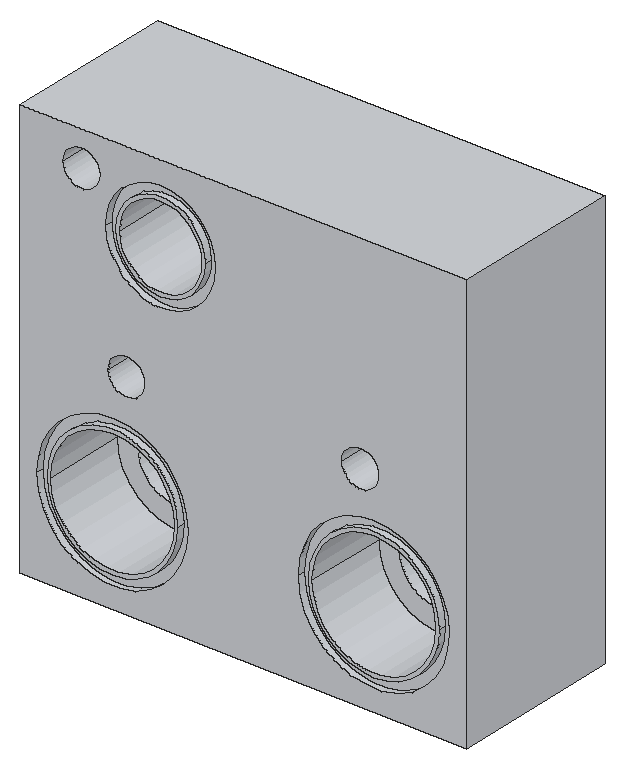
Revit family "PRD_AR_ShwrFttngsPckg_F5ExtensionSet_ACXT90011", category Specialty Equipment, Revit 2023
Family settings
  Round Connector Dimension = Use Diameter
  Part Type = Normal
  OmniClass Number = 23.45.05.14.17.11
  OmniClass Title = Shower Compartments
  Work Plane-Based = No
  Enable Cutting in Views = No
  Always vertical = Yes
  Cut with Voids When Loaded = No
  Maintain Annotation Orientation = No
  Shared = No
  Room Calculation Point = No
Parameters (values of type "ACXT9001")
  WarrantyStartDate [instance] = "1900-12-31T23:59:59"
  WarrantyGuarantorParts = "n/a"
  WarrantyGuarantorLabor = "n/a"
  WarrantyDurationUnit = "n/a"
  WarrantyDurationParts = "n/a"
  WarrantyDurationLabor = "n/a"
  WarrantyDescription = "n/a"
  Version = "1"
  Uniclass2015Version = "Products v1.36"
  Uniclass2015Title = "Shower fittings package"
  Uniclass2015Code = "Pr_40_20_87_75"
  URL = "www.kwc-professional.com"
  Type IFC Predefined Type = "USERDEFINED"
  TagNumber [instance] = "n/a"
  SustainabilityPerformance = "n/a"
  Status = "New"
  Size = "15"
  Shape = "cuboid"
  SerialNumber [instance] = "n/a"
  Revision = "n/a"
  ReplacementCost = "n/a"
  Reference = "n/a"
  QuantityUom = "piece"
  Quantity = "1"
  ProductInformation = "http://pim.kwc.com/product/2030067889/attachment/datasheet?locale=en"
  NominalWidth = 65 mm
  NominalLength = 61 mm
  NominalHeight = 61 mm
  NominalDepth = 25 mm
  Name = "F5 Extension set ACXT9001"
  NBSTypeID = "n/a"
  NBSReference = "45-35-70/330"
  NBSOfficeMasterTag = "n/a"
  NBSNote = "n/a"
  NBSDescription = "Shower fittings package"
  NBSCertification = "n/a"
  ModelReference = "ACXT9001"
  ModelNumber = "2030067889"
  Model = ModelReference  # "ACXT9001"
  Material = "n/a"
  ManufacturerURL = "www.kwc-professional.com"
  ManufacturerName = "KWC Group Management AG"  # constant formula
  Manufacturer = ManufacturerName  # "KWC Group Management AG"
  InstallationDate [instance] = "1900-12-31T23:59:59"
  IfcExportType = "USERDEFINED"
  IfcExportAs = "IfcSanitaryTerminalType"
  Grade = "n/a"
  Finish = "n/a"
  Features = "For wall mounting, for depth adjustment 25 mm."
  Export Type to IFC As = "IfcSanitaryTerminalType"
  ExpectedLife = "n/a"
  DurationUnit = "n/a"
  Description = "Extension set for F5S-Therm self-closing thermostatic mixer DN 15, F5E-Therm and F3E-Therm thermostatic mixer DN 15, electronic control, for wall mounting, for depth adjustment 25 mm."
  Default Elevation = 0 mm
  CreatedOn = "04/2025"  # constant formula
  Constituents = "n/a"
  Color = "n/a"
  CodePerformance = "n/a"
  Category = "Pr_40_20_87_75, Shower fittings package"
  BodyMaterial = none
  BarCode [instance] = "n/a"
  BIMObjectName = "PRD_AR_ShowerFittingsPackage_F5ExtensionSet_ACXT9001"
  Author = "Archispace"  # constant formula
  AssetType = "Fixed"
  AssetIdentifier [instance] = "n/a"
  AccessibilityPerformance = "n/a"
Reference planes
  plane 1 "Center (Front/Back)": y = 0
  plane 2: z = 0
  plane 3 "Center (Left/Right)": x = 0
Dimensions and locks
  aligned and locked: level to plane 2
Nested families
  nested 1: "ACXT9001" at (0, 0, 0), type "ACXT9001"
Definition of nested family "ACXT9001"
  Parameters (values of type "ACXT9001")
    Material = none
    Default Elevation = 0 mm
  Reference planes
    plane 1 "Center (Front/Back)": y = 0
    plane 2: z = 0
    plane 3 "Center (Left/Right)": x = 0
  Forms (mm)
    Extrusion 1, solid, material <- "Material", detail levels fine
      sketch origin (0, 0, 0) x (1, 0, 0) y (0, 0, 1)
        loop
          line (-32.5, 0) -> (32.5, 0) -> (32.5, 61) -> (-32.5, 61) -> (-32.5, 0)
      from 0 to 25
    Extrusion 2, void
      sketch origin (0, 0, 0) x (1, 0, 0) y (0, 0, 1)
        loop
          circle (-23.5, 55.9) r 2.7
        loop
          circle (-12, 49.7) r 6
        loop
          circle (-17, 31) r 2.7
        loop
          circle (-19, 14) r 6
        loop
          circle (19, 14) r 6
        loop
          circle (17, 31) r 2.7
      from 0 to 25
    Extrusion 3, void
      sketch origin (0, 0, 0) x (1, 0, 0) y (0, 0, 1)
        loop
          circle (-19, 14) r 9
        loop
          circle (19, 14) r 9
      from 13 to 25
    Extrusion 4, void
      sketch origin (0, 0, 0) x (1, 0, 0) y (0, 0, 1)
        loop
          circle (-12, 49.7) r 6.5
        loop
          circle (-19, 14) r 9.5
        loop
          circle (19, 14) r 9.5
        loop
          circle (19, 14) r 11
        loop
          circle (-19, 14) r 11
        loop
          circle (-12, 49.7) r 8
      from 24 to 25
    Extrusion 5, solid, material <- "Material", detail levels coarse+medium
      sketch origin (0, 0, 0) x (1, 0, 0) y (0, 0, 1)
        loop
          line (32.5, 0) -> (32.5, 61) -> (-32.5, 61) -> (-32.5, 0) -> (32.5, 0)
      from 0 to 25
  Cuts and joins
    Extrusion 2, Extrusion 3, Extrusion 4 cuts Extrusion 1
  Dimensions and locks
    aligned and locked: level to plane 2
